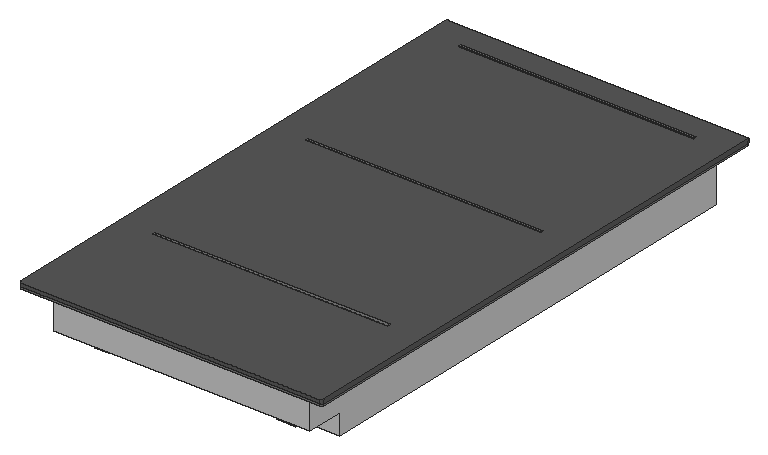
Revit family "FP-Revit19-en-CI122DB1-CI152DB1-CI152DTTB1-CI244DTTB1-CI304DTTB1-CI365DTTB1-InductionCooktop-0-90003220A-US-CA", category Specialty Equipment, Revit 2019
Family settings
  Round Connector Dimension = Use Diameter
  Part Type = Normal
  OmniClass Number = 23.40.40.14.17.11
  OmniClass Title = Cookers, Ovens, Stoves
  Work Plane-Based = No
  Always vertical = Yes
  Cut with Voids When Loaded = Yes
  Shared = No
  Room Calculation Point = No
Parameters (values of type "CI122DB1")
  Visibility - Power Flex Large = no
  Visibility - Power Flex Small = yes
  Visibility - Power Conduit US-CA = no
  Visibility - Clearance Required = yes
  Visibility - Touchscreen = no
  Recess - Depth = 6.5 mm  # constant formula
  Product - Height = ([Chassis - Height]) + 5.5 mm  # 61.5 mm
  Product - Width = 300 mm
  Product - Depth = 530 mm  # constant formula
  Model = "CI122DB1"
  Material - Graphics = Fisher & Paykel - Grey, Charcoal
  Material - Display Panel = Fisher & Paykel - Grey, Charcoal
  Material - Cooktop = Fisher & Paykel - Glass, Black
  Material - Body = Fisher & Paykel - Grey
  Manufacturer = "Fisher & Paykel Appliances Ltd"  # constant formula
  Graphics - 90/36 = no
  Graphics - 76/30 = no
  Graphics - 60/24 = no
  Graphics - 39/17 = no
  Graphics - 30/15 = yes
  Description = "12\", 2 Zone Induction Cooktop, Black"
  Countertop - Height [instance] = 900 mm
  Connector Description - Electrical = "120V, 60Hz, 20A"
  Clearance - Side Combustible = 27 mm  # constant formula
  Clearance - Rear Combustible = 20 mm  # constant formula
  Clearance - Overhead Rangehood = 650 mm  # constant formula
  Clearance - Overhead Non-Combustible = 450 mm  # constant formula
  Chassis - Width = 254 mm
  Chassis - Height = 56 mm  # constant formula
  Chassis - Depth = 504 mm  # constant formula
  Cavity - Width = 262 mm
  Cavity - Height = 72 mm
  Cavity - Depth (Proud Mount) = 507 mm  # constant formula
  Cavity - Depth (Flush Mount) = 509 mm  # constant formula
Types (6, lengths in mm): name | Visibility - Power Flex Small | Visibility - Power Conduit US-CA | Visibility - Touchscreen | Product - Width | Model | Graphics - 90/36 | Graphics - 76/30 | Graphics - 60/24 | Graphics - 39/17 | Graphics - 30/15 | Description | Connector Description - Electrical | Chassis - Width | Cavity - Width | Cavity - Height
  CI122DB1 | yes | no | no | 300 | "CI122DB1" | no | no | no | no | yes | "12\", 2 Zone Induction Cooktop, Black" | "120V, 60Hz, 20A" | 254 | 262 | 72
  CI152DTTB1 | yes | no | yes | 385 | "CI152DTTB1" | no | no | no | yes | no | "15\", 2 Zone Induction Cooktop, Black, Touchscreen" | "120V, 60Hz, 20A" | 334 | 347 | 72
  CI244DTTB1 | no | yes | yes | 600 | "CI244DTTB1" | no | no | yes | no | no | "24\", 4 Zone Induction Cooktop, Black, Touchscreen" | "120V, 60Hz, 35A" | 554 | 562 | 95
  CI304DTTB1 | no | yes | yes | 760 | "CI304DTTB1" | no | yes | no | no | no | "30\", 4 Zone Induction Cooktop, Black, Touchscreen" | "120V, 60Hz, 35A" | 714 | 722 | 95
  CI365DTTB1 | no | yes | yes | 900 | "CI365DTTB1" | yes | no | no | no | no | "36\", 5 Zone Induction Cooktop, Black, Touchscreen" | "120V, 60Hz, 50A" | 854 | 862 | 95
  CI152DB1 | yes | no | no | 385 | "CI152DB1" | no | no | no | yes | no | "15\", 2 Zone Induction Cooktop, Black" | "120V, 60Hz, 20A" | 334 | 347 | 72
Reference planes
  plane 1 "Front": y = 0
  plane 2: z = 0
  plane 3 "Center (Left/Right)": x = 0
  plane 4 "Product - LHS": x = -150
  plane 5 "Clearance - LHS": x = -158
  plane 6 "Product - RHS": x = 150
  plane 7 "Clearance - RHS": x = 158
  plane 8 "Tape": z = 894.5
  plane 9 "Product - Height": z = 900
  plane 10 "Cavity - Height": z = 828
  plane 11 "Chassis Base": z = 838.5
  plane 12 "Product - Depth": y = 530
  plane 13 "Cavity - LHS": x = -131
  plane 14 "Cavity - RHS": x = 131
  plane 15 "Mounting Flange": z = 896
  plane 16 "Clearance - Rear": y = 539.5
  plane 17 "Clearance - Overhead Rangehood": z = 1550
  plane 18 "Clearance - Non-Combustible": z = 1350
  plane 19 "Graphics": z = 900.2
  plane 20 "2mm Offset LHS": x = -152
  plane 21 "2mm Offset RHS": x = 152
  plane 22 "Cable": x = 97
  plane 23 "Recess 6.5mm": z = 893.5
  plane 24 "Chassis LHS": x = -127
  plane 25 "Chassis RHS": x = 127
  plane 26 "Chassis - Front": y = 13.5
  plane 27 "Chassis - Depth": y = 517.5
  plane 28 "Centre": y = 265
  plane 29 "Cavity - Rear": y = 519.5
  plane 30 "Cavity - Front": y = 10.5
Forms (mm)
  Extrusion 1, solid, material "Fisher & Paykel - Glass, Black" <- "Material - Cooktop"
    sketch origin (0, 0, 0) x (1, 0, 0) y (0, 1, 0)
      loop
        arc (-148, 530) -> (-149.414, 529.414) -> (-150, 528) r 2
        line (-150, 528) -> (-150, 2)
        arc (-150, 2) -> (-149.414, 0.586) -> (-148, 0) r 2
        line (-148, 0) -> (148, 0)
        arc (148, 0) -> (149.414, 0.586) -> (150, 2) r 2
        line (150, 2) -> (150, 528)
        arc (150, 528) -> (149.414, 529.414) -> (148, 530) r 2
        line (148, 530) -> (-148, 530)
    from 896 to 900
  Extrusion 2, solid, material "Fisher & Paykel - Grey" <- "Material - Body"
    sketch origin (0, -179.489, 0) x (1, 0, 0) y (0, 1, 0)
      loop
        line (-127, 696.989) -> (-127, 192.989) -> (127, 192.989) -> (127, 696.989) -> (-127, 696.989)
    from 838.5 to 894.5
  Extrusion 3, solid, material "Fisher & Paykel - Grey" <- "Material - Body"
    sketch origin (0, 0, 0) x (1, 0, 0) y (0, 1, 0)
      loop
        line (-137, 523) -> (-137, 7) -> (137, 7) -> (137, 523) -> (-137, 523)
    from 894.5 to 896
  Extrusion 4, solid, material "Fisher & Paykel - Grey, Charcoal" <- "Material - Display Panel", visible <- "Visibility - Touchscreen", detail levels fine
    sketch origin (0, 0, 0) x (1, 0, 0) y (0, 1, 0)
      loop
        line (-66.5, 87) -> (-66.5, 25) -> (66.5, 25) -> (66.5, 87) -> (-66.5, 87)
    from 896 to 900.2
  Extrusion 5, solid, material "Fisher & Paykel - Clearance Required (Cutout)", visible <- "Visibility - Clearance Required", detail levels coarse
    sketch origin (0, 0, 0) x (0, 1, 0) y (0, 0, 1)
      loop
        line (10.5, 894.5) -> (10.5, 828) -> (519.5, 828) -> (519.5, 894.5) -> (10.5, 894.5)
    from -131 to 131
  Extrusion 6, solid, material "Fisher & Paykel - Clearance Required (Non-Combustible)", visible <- "Visibility - Clearance Required", detail levels coarse
    sketch origin (0, 0, 0) x (1, 0, 0) y (0, 1, 0)
      loop
        line (-158, 539.5) -> (-158, 0) -> (158, 0) -> (158, 539.5) -> (-158, 539.5)
    from 900 to 1350
  Extrusion 7, solid, material "Fisher & Paykel - Clearance Required (Combustible)", visible <- "Visibility - Clearance Required", detail levels coarse
    sketch origin (0, 0, 0) x (1, 0, 0) y (0, 1, 0)
      loop
        line (-158, 539.5) -> (-158, 0) -> (158, 0) -> (158, 539.5) -> (-158, 539.5)
    from 1350 to 1550
  Extrusion 8, solid, material "Fisher & Paykel - Grey, Charcoal" <- "Material - Graphics", visible <- "Graphics - 90/36", detail levels fine
    sketch origin (0, 0, 0) x (1, 0, 0) y (0, 1, 0)
      loop
        line (-703.25, 316.098) -> (-703.25, 313.598) -> (-470.75, 313.598) -> (-470.75, 316.098) -> (-703.25, 316.098)
      loop
        line (-703.25, 126.248) -> (-703.25, 123.748) -> (-470.75, 123.748) -> (-470.75, 126.248) -> (-703.25, 126.248)
      loop
        line (-703.25, 505.249) -> (-703.25, 502.749) -> (-470.75, 502.749) -> (-470.75, 505.249) -> (-703.25, 505.249)
      loop
        line (97.25, 316.098) -> (-135.25, 316.098) -> (-135.25, 313.598) -> (97.25, 313.598) -> (97.25, 316.098)
      loop
        line (97.25, 126.248) -> (-135.25, 126.248) -> (-135.25, 123.748) -> (97.25, 123.748) -> (97.25, 126.248)
      loop
        line (97.25, 505.249) -> (-135.25, 505.249) -> (-135.25, 502.749) -> (97.25, 502.749) -> (97.25, 505.249)
      loop
        circle (-303, 313.598) r 99.029
      loop
        circle (-303, 313.598) r 101.36
      loop
        circle (-303, 313.598) r 142.07
      loop
        circle (-303, 313.598) r 144.628
    from 896 to 900.2
  Extrusion 9, solid, material "Fisher & Paykel - Grey, Charcoal" <- "Material - Graphics", visible <- "Graphics - 30/15", detail levels fine
    sketch origin (0, 0, 0) x (1, 0, 0) y (0, 1, 0)
      loop
        line (-116.25, 316.098) -> (-116.25, 313.598) -> (116.25, 313.598) -> (116.25, 316.098) -> (-116.25, 316.098)
      loop
        line (-116.25, 126.249) -> (-116.25, 123.749) -> (116.25, 123.749) -> (116.25, 126.249) -> (-116.25, 126.249)
      loop
        line (-116.25, 505.249) -> (-116.25, 502.749) -> (116.25, 502.749) -> (116.25, 505.249) -> (-116.25, 505.249)
    from 896 to 900.2
  Extrusion 10, solid, material "Fisher & Paykel - Grey, Charcoal" <- "Material - Graphics", visible <- "Graphics - 60/24", detail levels fine
    sketch origin (0, 0, 0) x (1, 0, 0) y (0, 1, 0)
      loop
        line (-250.25, 316.098) -> (-250.25, 313.598) -> (-24.75, 313.598) -> (-24.75, 316.098) -> (-250.25, 316.098)
      loop
        line (-250.25, 126.249) -> (-250.25, 123.749) -> (-24.75, 123.749) -> (-24.75, 126.249) -> (-250.25, 126.249)
      loop
        line (-250.25, 505.249) -> (-250.25, 502.749) -> (-24.75, 502.749) -> (-24.75, 505.249) -> (-250.25, 505.249)
      loop
        line (250.25, 316.098) -> (24.75, 316.098) -> (24.75, 313.598) -> (250.25, 313.598) -> (250.25, 316.098)
      loop
        line (250.25, 126.249) -> (24.75, 126.249) -> (24.75, 123.749) -> (250.25, 123.749) -> (250.25, 126.249)
      loop
        line (250.25, 505.249) -> (24.75, 505.249) -> (24.75, 502.749) -> (250.25, 502.749) -> (250.25, 505.249)
    from 896 to 900.2
  Extrusion 11, solid, material "Fisher & Paykel - Grey, Charcoal" <- "Material - Graphics", visible <- "Graphics - 76/30", detail levels fine
    sketch origin (0, 0, 0) x (1, 0, 0) y (0, 1, 0)
      loop
        line (330.25, 316.098) -> (99.75, 316.098) -> (99.75, 313.598) -> (330.25, 313.598) -> (330.25, 316.098)
      loop
        line (330.25, 126.248) -> (99.75, 126.248) -> (99.75, 123.748) -> (330.25, 123.748) -> (330.25, 126.248)
      loop
        line (330.25, 505.248) -> (99.75, 505.248) -> (99.75, 502.749) -> (330.25, 502.749) -> (330.25, 505.248)
      loop
        circle (-200, 258.2) r 140
      loop
        circle (-14.494, 412.848) r 85
      loop
        circle (-14.494, 412.848) r 83
      loop
        circle (-200, 258.2) r 138.038
    from 896 to 900.2
  Extrusion 12, solid, material "Fisher & Paykel - Grey, Charcoal" <- "Material - Graphics", visible <- "Graphics - 39/17", detail levels fine
    sketch origin (0, 0, 0) x (1, 0, 0) y (0, 1, 0)
      loop
        line (-142.75, 505.254) -> (-142.75, 502.754) -> (142.75, 502.754) -> (142.75, 505.254) -> (-142.75, 505.254)
      loop
        line (-142.75, 316.098) -> (-142.75, 313.598) -> (142.75, 313.598) -> (142.75, 316.098) -> (-142.75, 316.098)
      loop
        line (-142.75, 126.249) -> (-142.75, 123.749) -> (142.75, 123.749) -> (142.75, 126.249) -> (-142.75, 126.249)
    from 896 to 900.2
  Extrusion 13, void
    sketch origin (0, 0, 0) x (1, 0, 0) y (0, 1, 0)
      loop
        arc (-148, 532) -> (-150.828, 530.828) -> (-152, 528) r 4
        line (-152, 528) -> (-152, 2)
        arc (-152, 2) -> (-150.828, -0.828) -> (-148, -2) r 4
        line (-148, -2) -> (148, -2)
        arc (148, -2) -> (150.828, -0.828) -> (152, 2) r 4
        line (152, 2) -> (152, 528)
        arc (152, 528) -> (150.828, 530.828) -> (148, 532) r 4
        line (148, 532) -> (-148, 532)
    from 893.5 to 900
  Extrusion 14, solid, material "Fisher & Paykel - Grey, Charcoal"
    sketch origin (0, 0, 0) x (1, 0, 0) y (0, 1, 0)
      loop
        arc (-148, 530) -> (-149.414, 529.414) -> (-150, 528) r 2
        line (-150, 528) -> (-150, 2)
        arc (-150, 2) -> (-149.414, 0.586) -> (-148, 0) r 2
        line (-148, 0) -> (148, 0)
        arc (148, 0) -> (149.414, 0.586) -> (150, 2) r 2
        line (150, 2) -> (150, 528)
        arc (150, 528) -> (149.414, 529.414) -> (148, 530) r 2
        line (148, 530) -> (-148, 530)
      loop
        line (-145, 525) -> (-145, 5) -> (145, 5) -> (145, 525) -> (-145, 525)
    from 894.5 to 896
  Extrusion 15, solid, material "Fisher & Paykel - Grey" <- "Material - Body", visible <- "Visibility - Power Flex Small"
    sketch origin (0, 0, 0) x (1, 0, 0) y (0, 1, 0)
      loop
        circle (97, 512) r 4
    from 828 to 838.5
  Extrusion 16, void
    sketch origin (0, 0, 0) x (0, 1, 0) y (0, 0, 1)
      loop
        line (13.5, 838.5) -> (50.5, 838.5) -> (50.5, 858.5) -> (13.5, 858.5) -> (13.5, 838.5)
    from -131 to 131
  Sweep 17, solid, material "Fisher & Paykel - Grey" <- "Material - Body", visible <- "Visibility - Power Flex Large"
    path origin (97, 0, 0) x (0, -1, 0) y (0, 0, 1)
      loop
        arc (-523.932, 815.5) -> (-500.264, 821.519) -> (-482.714, 838.5) r 47.507
        line (-482.714, 838.5) -> (-480.135, 842.784)
    profile origin (97, 500.264, 821.519) x (0, 0.487278, 0.873247) y (-1, 0, 0)
      loop
        circle (0, 0) r 6
  Extrusion 18, solid, material "Fisher & Paykel - Grey" <- "Material - Body", visible <- "Visibility - Power Flex Large"
    sketch origin (0, 0, 0) x (1, 0, 0) y (0, 1, 0)
      loop
        circle (97, 482.308) r 15
      loop
        circle (97, 482.308) r 8.004
    from 837.5 to 838.5
  Extrusion 19, solid, material "Fisher & Paykel - Grey" <- "Material - Body", detail levels fine
    sketch origin (0, 0, 0) x (1, 0, 0) y (0, 0, 1)
      loop
        line (-98.5, 858.5) -> (-98.5, 846.5) -> (-84.5, 846.5) -> (-84.5, 858.5) -> (-98.5, 858.5)
      loop
        line (101, 846.5) -> (101, 858.5) -> (82, 858.5) -> (82, 846.5) -> (101, 846.5)
    from -50.5 to -29.5
Cuts and joins
  Extrusion 16 cuts Extrusion 2
Text (mm)
  text "Due to ongoing product development, product details are subject to change without notice. \nPlease always refer to www.fisherpaykel.com for the most current product information. \n© Fisher & Paykel 2020" at (110.713, -119.621, 0), in view "Ref. Level"
Dimensions and locks
  equal spacing: plane 4 "Product - LHS", plane 3 "Center (Left/Right)", plane 6 "Product - RHS"
  equal spacing: plane 5 "Clearance - LHS", plane 3 "Center (Left/Right)", plane 7 "Clearance - RHS"
  "Product - Width": plane 4 "Product - LHS" to plane 6 "Product - RHS"
  equal spacing: plane 13 "Cavity - LHS", plane 3 "Center (Left/Right)", plane 14 "Cavity - RHS"
  "Cavity - Width": plane 13 "Cavity - LHS" to plane 14 "Cavity - RHS"
  equal spacing: Extrusion 2, plane 3 "Center (Left/Right)", Extrusion 2
  equal spacing: Extrusion 3 sketch curve, plane 3 "Center (Left/Right)", Extrusion 3 sketch curve
  locked: plane 4 "Product - LHS" to Extrusion 3 sketch curve at 13
  equal spacing: Extrusion 4 sketch curve, plane 3 "Center (Left/Right)", Extrusion 4 sketch curve
  locked: plane 1 "Front" to Extrusion 4 sketch curve at 25
  locked: Extrusion 4 sketch curve to Extrusion 4 sketch curve at 62
  "Chassis - Height": plane 8 "Tape" to plane 11 "Chassis Base"
  locked: plane 12 "Product - Depth" to Extrusion 3 sketch curve at 7
  locked: plane 1 "Front" to Extrusion 3 sketch curve at 7
  locked: plane 8 "Tape" to plane 15 "Mounting Flange" at 1.5
  locked: plane 9 "Product - Height" to plane 8 "Tape" at 5.5
  "Clearance - Overhead Non-Combustible": plane 18 "Clearance - Non-Combustible" to plane 9 "Product - Height"
  "Clearance - Overhead Rangehood": plane 17 "Clearance - Overhead Rangehood" to plane 9 "Product - Height"
  "Clearance - Side Combustible": plane 5 "Clearance - LHS" to plane 13 "Cavity - LHS"
  locked: Extrusion 4 sketch curve to Extrusion 4 sketch curve at 133
  locked: Extrusion 9 sketch curve to plane 3 "Center (Left/Right)" at 116.25
  locked: plane 3 "Center (Left/Right)" to Extrusion 9 sketch curve at 116.25
  locked: plane 3 "Center (Left/Right)" to Extrusion 11 sketch curve at 99.75
  locked: plane 3 "Center (Left/Right)" to Extrusion 11 sketch curve at 330.25
  locked: Extrusion 11 sketch curve to plane 3 "Center (Left/Right)" at 200
  locked: Extrusion 11 sketch curve to plane 3 "Center (Left/Right)" at 14.494
  locked: Extrusion 10 sketch curve to plane 3 "Center (Left/Right)" at 24.75
  locked: plane 3 "Center (Left/Right)" to Extrusion 10 sketch curve at 24.75
  locked: Extrusion 10 sketch curve to plane 3 "Center (Left/Right)" at 250.25  (x3)
  locked: plane 3 "Center (Left/Right)" to Extrusion 10 sketch curve at 250.25
  locked: Extrusion 12 sketch curve to plane 3 "Center (Left/Right)" at 142.75  (x3)
  locked: plane 3 "Center (Left/Right)" to Extrusion 12 sketch curve at 142.75  (x3)
  equal spacing: Extrusion 13 sketch curve, plane 3 "Center (Left/Right)", Extrusion 13 sketch curve
  locked: Extrusion 13 sketch curve to plane 4 "Product - LHS" at 2
  locked: Extrusion 13 sketch curve to plane 1 "Front" at 2
  locked: Extrusion 13 sketch curve to plane 12 "Product - Depth" at 2
  equal spacing: plane 20 "2mm Offset LHS", plane 3 "Center (Left/Right)", plane 21 "2mm Offset RHS"
  locked: plane 20 "2mm Offset LHS" to plane 4 "Product - LHS" at 2
  locked: plane 15 "Mounting Flange" to plane 19 "Graphics" at 4.2
  "Countertop - Height": plane 9 "Product - Height" to level
  locked: plane 1 "Front" to Extrusion 14 sketch curve at 5
  equal spacing: Extrusion 14 sketch curve, plane 3 "Center (Left/Right)", Extrusion 14 sketch curve
  locked: plane 4 "Product - LHS" to Extrusion 14 sketch curve at 5
  locked: plane 12 "Product - Depth" to Extrusion 14 sketch curve at 5
  plane 1 "Front" to Extrusion 15 sketch curve = 512 mm
  plane 3 "Center (Left/Right)" to Extrusion 15 sketch curve = 97 mm
  locked: plane 22 "Cable" to plane 6 "Product - RHS" at 53
  locked: plane 8 "Tape" to cut or joined group of Extrusion 2, Extrusion 16 at 36
  locked: plane 11 "Chassis Base" to Extrusion 18 at 1
  locked: Extrusion 19 to plane 8 "Tape" at 48
  "Recess - Depth": plane 9 "Product - Height" to plane 23 "Recess 6.5mm"
  equal spacing: plane 24 "Chassis LHS", plane 3 "Center (Left/Right)", plane 25 "Chassis RHS"
  locked: plane 1 "Front" to plane 26 "Chassis - Front" at 13.5
  "Chassis - Depth": plane 27 "Chassis - Depth" to plane 26 "Chassis - Front"
  locked: Extrusion 19 to plane 24 "Chassis LHS" at 28.5
  locked: Extrusion 19 to plane 24 "Chassis LHS" at 42.5
  locked: plane 25 "Chassis RHS" to Extrusion 19 at 26
  locked: plane 25 "Chassis RHS" to Extrusion 19 at 45
  "Chassis - Width": plane 24 "Chassis LHS" to plane 25 "Chassis RHS"
  "Cavity - Height": plane 9 "Product - Height" to plane 10 "Cavity - Height"
  locked: plane 25 "Chassis RHS" to nested 1 at 28.181
  "Product - Depth": plane 1 "Front" to plane 12 "Product - Depth"
  locked: plane 1 "Front" to plane 28 "Centre" at 265
  equal spacing: plane 30 "Cavity - Front", plane 28 "Centre", plane 29 "Cavity - Rear"
  "Cavity - Depth (Flush Mount)": plane 30 "Cavity - Front" to plane 29 "Cavity - Rear"
  diameter of Extrusion 11 sketch curve = 280 mm
  aligned and locked: level to plane 2
  aligned and locked: Extrusion 1 sketch curve to plane 12 "Product - Depth"
  aligned and locked: Extrusion 1 sketch curve to plane 4 "Product - LHS"
  aligned and locked: Extrusion 1 sketch curve to plane 1 "Front"
  aligned and locked: plane 6 "Product - RHS" to Extrusion 1 sketch curve
  aligned and locked: plane 9 "Product - Height" to Extrusion 1
  aligned and locked: Extrusion 3 to Extrusion 1
  aligned and locked: Extrusion 1 to Extrusion 4
  aligned and locked: Extrusion 3 to plane 8 "Tape"
  aligned and locked: plane 8 "Tape" to Extrusion 2
  aligned and locked: Extrusion 2 to plane 11 "Chassis Base"
  aligned and locked: plane 15 "Mounting Flange" to Extrusion 1
  aligned and locked: Extrusion 3 to plane 15 "Mounting Flange"
  aligned and locked: plane 15 "Mounting Flange" to Extrusion 4
  aligned and locked: plane 10 "Cavity - Height" to Extrusion 5 sketch curve
  aligned and locked: plane 8 "Tape" to Extrusion 5
  aligned and locked: Extrusion 5 to plane 13 "Cavity - LHS"
  aligned and locked: plane 14 "Cavity - RHS" to Extrusion 5
  aligned and locked: Extrusion 6 sketch curve to plane 16 "Clearance - Rear"
  aligned and locked: Extrusion 6 sketch curve to plane 5 "Clearance - LHS"
  aligned and locked: Extrusion 6 sketch curve to plane 1 "Front"
  aligned and locked: plane 7 "Clearance - RHS" to Extrusion 6 sketch curve
  aligned and locked: Extrusion 6 to plane 9 "Product - Height"
  aligned and locked: plane 18 "Clearance - Non-Combustible" to Extrusion 6
  aligned and locked: plane 5 "Clearance - LHS" to Extrusion 7
  aligned and locked: Extrusion 7 to plane 7 "Clearance - RHS"
  aligned and locked: plane 16 "Clearance - Rear" to Extrusion 7
  aligned and locked: Extrusion 7 to Extrusion 6
  aligned and locked: plane 17 "Clearance - Overhead Rangehood" to Extrusion 7
  aligned and locked: plane 19 "Graphics" to Extrusion 4
  aligned and locked: plane 19 "Graphics" to Extrusion 8
  aligned and locked: plane 19 "Graphics" to Extrusion 9
  aligned and locked: Extrusion 9 to Extrusion 9  (x2)
  aligned and locked: plane 19 "Graphics" to Extrusion 10
  aligned and locked: plane 19 "Graphics" to Extrusion 11
  aligned and locked: Extrusion 11 to Extrusion 11  (x4)
  aligned and locked: Extrusion 10 to Extrusion 10  (x6)
  aligned and locked: plane 19 "Graphics" to Extrusion 12
  aligned and locked: plane 15 "Mounting Flange" to Extrusion 11
  aligned and locked: plane 15 "Mounting Flange" to Extrusion 8
  aligned and locked: plane 15 "Mounting Flange" to Extrusion 9
  aligned and locked: plane 15 "Mounting Flange" to Extrusion 12
  aligned and locked: plane 15 "Mounting Flange" to Extrusion 10
  aligned and locked: plane 9 "Product - Height" to Extrusion 13
  aligned and locked: plane 6 "Product - RHS" to Extrusion 14 sketch curve
  aligned and locked: Extrusion 14 sketch curve to plane 1 "Front"
  aligned and locked: Extrusion 14 sketch curve to plane 12 "Product - Depth"
  aligned and locked: Extrusion 14 sketch curve to plane 4 "Product - LHS"
  aligned and locked: plane 8 "Tape" to Extrusion 14
  aligned and locked: Extrusion 14 to plane 15 "Mounting Flange"
  aligned and locked: plane 11 "Chassis Base" to Extrusion 15
  aligned and locked: Extrusion 15 to plane 10 "Cavity - Height"
  aligned and locked: Extrusion 16 to plane 13 "Cavity - LHS"
  aligned and locked: plane 14 "Cavity - RHS" to Extrusion 16
  aligned and locked: plane 11 "Chassis Base" to Extrusion 18
  aligned and locked: cut or joined group of Extrusion 2, Extrusion 16 to Extrusion 19  (x3)
  aligned and locked: plane 23 "Recess 6.5mm" to Extrusion 13
  aligned and locked: plane 24 "Chassis LHS" to cut or joined group of Extrusion 2, Extrusion 16
  aligned and locked: Extrusion 2 to plane 24 "Chassis LHS"
  aligned and locked: plane 25 "Chassis RHS" to Extrusion 2
  aligned and locked: plane 26 "Chassis - Front" to cut or joined group of Extrusion 2, Extrusion 16
  aligned and locked: plane 27 "Chassis - Depth" to cut or joined group of Extrusion 2, Extrusion 16
  aligned and locked: nested 1 to plane 11 "Chassis Base"
  aligned and locked: plane 30 "Cavity - Front" to Extrusion 5
  aligned and locked: plane 29 "Cavity - Rear" to Extrusion 5
Automatic sketch dimensions
  Extrusion 1 sketch curve to plane 4 "Product - LHS" = 0 mm
  Extrusion 1 sketch curve to plane 4 "Product - LHS" = 2 mm  (x2)
  Extrusion 1 sketch curve to Extrusion 1 sketch curve = 2 mm
  plane 6 "Product - RHS" to Extrusion 1 sketch curve = 2 mm
  Extrusion 1 sketch curve to plane 12 "Product - Depth" = 2 mm
  plane 13 "Cavity - LHS" to Extrusion 2 sketch curve = 4 mm
  Extrusion 2 sketch curve to plane 14 "Cavity - RHS" = 4 mm
  Extrusion 5 sketch curve to plane 8 "Tape" = 0 mm
  plane 1 "Front" to Extrusion 7 sketch curve = 0 mm
  plane 5 "Clearance - LHS" to Extrusion 7 sketch curve = 0 mm
  Extrusion 7 sketch curve to plane 7 "Clearance - RHS" = 0 mm
  plane 16 "Clearance - Rear" to Extrusion 7 sketch curve = 0 mm
  Extrusion 9 sketch curve to plane 3 "Center (Left/Right)" = 116.25 mm  (x2)
  plane 7 "Clearance - RHS" to Extrusion 9 sketch curve = 41.75 mm  (x2)
  Extrusion 9 sketch curve to Extrusion 9 sketch curve = 2.5 mm  (x3)
  Extrusion 9 sketch curve to Extrusion 9 sketch curve = 187.349 mm
  Extrusion 11 sketch curve to Extrusion 11 sketch curve = 0 mm  (x6)
  plane 3 "Center (Left/Right)" to Extrusion 11 sketch curve = 99.75 mm  (x2)
  plane 14 "Cavity - RHS" to Extrusion 11 sketch curve = 199.25 mm  (x2)
  Extrusion 11 sketch curve to Extrusion 11 sketch curve = 186.651 mm
  Extrusion 11 sketch curve to Extrusion 11 sketch curve = 2.5 mm  (x3)
  Extrusion 11 sketch curve to Extrusion 11 sketch curve = 154.648 mm
  Extrusion 10 sketch curve to plane 3 "Center (Left/Right)" = 24.75 mm  (x2)
  plane 3 "Center (Left/Right)" to Extrusion 10 sketch curve = 24.75 mm  (x2)
  plane 14 "Cavity - RHS" to Extrusion 10 sketch curve = 119.25 mm  (x2)
  Extrusion 10 sketch curve to Extrusion 10 sketch curve = 2.5 mm  (x6)
  Extrusion 10 sketch curve to Extrusion 10 sketch curve = 186.651 mm  (x2)
  Extrusion 10 sketch curve to Extrusion 10 sketch curve = 0 mm  (x2)
  Extrusion 12 sketch curve to Extrusion 12 sketch curve = 2.5 mm  (x3)
  Extrusion 12 sketch curve to Extrusion 12 sketch curve = 187.349 mm
  Extrusion 13 sketch curve to plane 1 "Front" = 2 mm  (x2)
  Extrusion 13 sketch curve to plane 4 "Product - LHS" = 2 mm  (x2)
  Extrusion 13 sketch curve to plane 12 "Product - Depth" = 2 mm
  Extrusion 2 sketch curve to plane 12 "Product - Depth" = 12.5 mm
  Extrusion 5 sketch curve to plane 12 "Product - Depth" = 10.5 mm
  Extrusion 9 sketch curve to plane 12 "Product - Depth" = 27.251 mm
  Extrusion 10 sketch curve to Extrusion 10 sketch curve = 187.349 mm
  Extrusion 11 sketch curve to Extrusion 11 sketch curve = 187.349 mm
  Extrusion 12 sketch curve to plane 12 "Product - Depth" = 27.246 mm
  Extrusion 2 sketch curve to plane 1 "Front" = 13.5 mm
  Extrusion 5 sketch curve to plane 1 "Front" = 10.5 mm
  Extrusion 9 sketch curve to Extrusion 9 sketch curve = 186.651 mm
  Extrusion 10 sketch curve to plane 1 "Front" = 123.749 mm
  Extrusion 11 sketch curve to plane 1 "Front" = 123.748 mm
  Extrusion 11 sketch curve to plane 1 "Front" = 258.2 mm
  Extrusion 12 sketch curve to Extrusion 12 sketch curve = 186.656 mm
  Extrusion 14 sketch curve to plane 4 "Product - LHS" = 2 mm
  Extrusion 14 sketch curve to plane 1 "Front" = 2 mm  (x2)
  plane 6 "Product - RHS" to Extrusion 14 sketch curve = 2 mm
  Extrusion 14 sketch curve to plane 12 "Product - Depth" = 2 mm
  Extrusion 8 sketch curve to Extrusion 8 sketch curve = 0 mm  (x20)
  plane 7 "Clearance - RHS" to Extrusion 8 sketch curve = 861.25 mm
  Extrusion 8 sketch curve to Extrusion 8 sketch curve = 232.5 mm  (x3)
  Extrusion 8 sketch curve to Extrusion 8 sketch curve = 167.75 mm
  Extrusion 8 sketch curve to Extrusion 8 sketch curve = 167.751 mm
  Extrusion 8 sketch curve to Extrusion 8 sketch curve = 189.151 mm
  Extrusion 8 sketch curve to Extrusion 8 sketch curve = 2.5 mm  (x6)
  Extrusion 16 sketch curve to plane 11 "Chassis Base" = 0 mm
  Extrusion 16 sketch curve to Extrusion 16 sketch curve = 37 mm
  Extrusion 16 sketch curve to Extrusion 16 sketch curve = 20 mm
  Extrusion 8 sketch curve to plane 1 "Front" = 126.248 mm  (x2)
  Extrusion 16 sketch curve to plane 1 "Front" = 13.5 mm
  Extrusion 8 sketch curve to plane 12 "Product - Depth" = 216.402 mm
  Extrusion 8 sketch curve to Extrusion 8 sketch curve = 187.35 mm
  Extrusion 8 sketch curve to plane 12 "Product - Depth" = 27.251 mm
  Sweep 17 sketch curve to plane 22 "Cable" = 0 mm
  profile plane to Sweep 17 sketch curve = 0 mm
  Sweep 17 sketch curve to plane 11 "Chassis Base" = 0 mm
  plane 11 "Chassis Base" to Sweep 17 sketch curve = 24.504 mm
  plane 11 "Chassis Base" to Sweep 17 sketch curve = 4.284 mm
  Sweep 17 sketch curve to Sweep 17 sketch curve = 2.579 mm
  Extrusion 18 sketch curve to Extrusion 18 sketch curve = 0 mm  (x3)
  Extrusion 18 sketch curve to plane 22 "Cable" = 0 mm
  plane 11 "Chassis Base" to Extrusion 19 sketch curve = 8 mm  (x2)
  plane 13 "Cavity - LHS" to Extrusion 19 sketch curve = 32.5 mm
  Extrusion 19 sketch curve to Extrusion 19 sketch curve = 14 mm
  plane 22 "Cable" to Extrusion 19 sketch curve = 15 mm
  Extrusion 19 sketch curve to plane 22 "Cable" = 4 mm
  Extrusion 19 sketch curve to Extrusion 19 sketch curve = 12 mm  (x2)
  Sweep 17 sketch curve to plane 27 "Chassis - Depth" = 5.913 mm
  plane 27 "Chassis - Depth" to Sweep 17 sketch curve = 34.786 mm
  Sweep 17 sketch curve to plane 12 "Product - Depth" = 6.068 mm
  plane 27 "Chassis - Depth" to Extrusion 18 sketch curve = 35.192 mm
  radius of Extrusion 11 sketch curve = 85 mm
  radius of Extrusion 11 sketch curve = 83 mm
  radius of Extrusion 11 sketch curve = 138.038 mm
  radius of Extrusion 8 sketch curve = 99.029 mm
  radius of Extrusion 8 sketch curve = 101.36 mm
  radius of Extrusion 8 sketch curve = 142.07 mm
  radius of Extrusion 8 sketch curve = 144.628 mm
  radius of Extrusion 15 sketch curve = 4 mm
  radius of Sweep 17 sketch curve = 6 mm
  radius of Extrusion 18 sketch curve = 15 mm
  radius of Extrusion 18 sketch curve = 8.004 mm
Nested families
  nested 1: "FP-Revit19-Modular-US-Conduit" at (98.819, 265.073, 900), visible <- "Visibility - Power Conduit US-CA", type "FP-Revit19-Modular-US-Conduit"
Connectors
  electrical at (97, 482.308, 837.5), driven by "Connector Description - Electrical"
    settings: on Extrusion 18, index 1, voltage 120 V, apparent load 0 VA, apparent load phase1 0 VA, apparent load phase2 0 VA, apparent load phase3 0 VA, power factor 1, load classification "Other", number of poles 1, system type 30, power factor state 1, is connector primary yes, connector utility no, sub classification motor no, connector description "120V, 60Hz, 20A"
Definition of nested family "FP-Revit19-Modular-US-Conduit"
  Parameters (values of type "FP-Revit19-Modular-US-Conduit")
    Model = ""
    Material - Body = none
    Manufacturer = "Fisher & Paykel Appliances Ltd"  # constant formula
    Description = "Support Bar (Flush Mount)"
  Reference planes
    plane 1 "Centre": y = 0
    plane 2: z = 0
    plane 3 "Centre (Left/Right)": x = 0
    plane 4: y = -265
    plane 5: y = 265
    plane 6 "Conduit": z = -75.004
    plane 7: z = -61.5
  Forms (mm)
    Sweep 1, solid, material <- "Material - Body"
      path origin (0, 0, -75.004) x (0, -1, 0) y (1, 0, 0)
        loop
          line (-217.5, -40.818) -> (-217.5, -215.818)
          arc (-217.5, -215.818) -> (-60.831, -376.273) -> (103.318, -223.479) r 160.5
          arc (103.318, -223.479) -> (-33.19, -76.326) -> (-177.518, -215.818) r 140.5
          arc (-177.518, -215.818) -> (-57.518, -335.818) -> (62.482, -215.818) r 120
      profile origin (-128.318, 217.5, -75.004) x (0, -1, 0) y (0, 0, 1)
        loop
          circle (0, 0) r 13.008
    Revolve 2, solid, material <- "Material - Body"
      sketch origin (0, 217.427, 0) x (1, 0, 0) y (0, 0, 1)
        loop
          arc (-0.815, -89) -> (7.668, -85.486) -> (11.182, -77.004) r 11.996
          line (11.182, -77.004) -> (11.182, -75.004) -> (-40.818, -75.004) -> (-40.818, -89) -> (-0.815, -89)
        axis (-40.818, -75.004) -> (11.182, -75.004)
      angle from 0 to 360
    Revolve 3, solid, material <- "Material - Body"
      sketch origin (0, 217.427, 0) x (1, 0, 0) y (0, 0, 1)
        loop
          line (11.181, -61.5) -> (-0.818, -61.5) -> (-0.818, -75.004) -> (11.181, -75.004) -> (11.181, -61.5)
        axis (-0.818, -75.004) -> (-0.818, -61.5)
      angle from 0 to 360
    Extrusion 4, solid, material <- "Material - Body", detail levels fine
      sketch origin (0, 0, -75.004) x (0, -1, 0) y (1, 0, 0)
        loop
          line (-230.374, -28.818) -> (-233.5, -28.818)
          arc (-233.5, -28.818) -> (-239.5, -34.818) -> (-233.5, -40.818) r 6
          line (-233.5, -40.818) -> (-230.374, -40.818) -> (-230.374, -28.818)
        loop
          line (-204.626, -28.818) -> (-204.626, -40.818) -> (-201.5, -40.818)
          arc (-201.5, -40.818) -> (-195.5, -34.818) -> (-201.5, -28.818) r 6
          line (-201.5, -28.818) -> (-204.626, -28.818)
      from -5.496 to 4.504
    Extrusion 5, solid, material <- "Material - Body", detail levels fine
      sketch origin (0, 0, -75.004) x (0, -1, 0) y (1, 0, 0)
        loop
          circle (-164.2, -43.118) r 5
        loop
          circle (-126.2, -43.118) r 5
        loop
          circle (-121.2, -0.618) r 5.85
      from 12.504 to 13.504
    Extrusion 6, solid, material <- "Material - Body", detail levels fine
      sketch origin (0, 0, -75.004) x (0, -1, 0) y (1, 0, 0)
        loop
          line (-237.5, -36.839) -> (-234, -38.86) -> (-230.507, -36.843) -> (-230.507, -32.804) -> (-234.009, -30.782) -> (-237.5, -32.798) -> (-237.5, -36.839)
        loop
          line (-197.5, -36.839) -> (-197.5, -32.798) -> (-200.991, -30.782) -> (-204.493, -32.804) -> (-204.493, -36.843) -> (-201, -38.86) -> (-197.5, -36.839)
      from -8.496 to -5.496
  Dimensions and locks
    plane 4 to plane 5 = 530 mm
    equal spacing: plane 4, plane 1 "Centre", plane 5
    aligned and locked: level to plane 2
  Automatic sketch dimensions
    Sweep 1 sketch curve to plane 6 "Conduit" = 0 mm
    Sweep 1 sketch curve to profile plane = 0 mm
    Revolve 2 sketch curve to plane 6 "Conduit" = 0 mm  (x2)
    Revolve 2 sketch curve to plane 3 "Centre (Left/Right)" = 40.818 mm
    Revolve 2 sketch curve to plane 3 "Centre (Left/Right)" = 0.815 mm
    plane 3 "Centre (Left/Right)" to Revolve 2 sketch curve = 11.182 mm
    Revolve 2 sketch curve to plane 6 "Conduit" = 2 mm
    Revolve 2 sketch curve to Revolve 2 sketch curve = 0.088 mm
    Revolve 2 sketch curve to Revolve 2 sketch curve = 12.972 mm
    Revolve 3 sketch curve to plane 7 = 0 mm  (x2)
    Revolve 3 sketch curve to plane 6 "Conduit" = 0 mm
    Revolve 3 sketch curve to plane 3 "Centre (Left/Right)" = 0.818 mm
    plane 3 "Centre (Left/Right)" to Revolve 3 sketch curve = 11.181 mm
    Revolve 3 sketch curve to Revolve 3 sketch curve = 0 mm
    Revolve 3 sketch curve to plane 7 = 6.857 mm
    Extrusion 5 sketch curve to plane 3 "Centre (Left/Right)" = 43.118 mm
    Extrusion 5 sketch curve to plane 5 = 100.8 mm
    Extrusion 5 sketch curve to Extrusion 5 sketch curve = 38 mm
    Extrusion 5 sketch curve to plane 3 "Centre (Left/Right)" = 0.618 mm
    Extrusion 5 sketch curve to Extrusion 5 sketch curve = 5 mm
    Extrusion 5 sketch curve to Extrusion 5 sketch curve = 0 mm
    Extrusion 4 sketch curve to plane 5 = 31.5 mm
    Extrusion 4 sketch curve to Extrusion 4 sketch curve = 3.126 mm  (x2)
    Extrusion 4 sketch curve to Extrusion 4 sketch curve = 25.749 mm
    Extrusion 4 sketch curve to plane 3 "Centre (Left/Right)" = 40.818 mm
    Extrusion 4 sketch curve to Extrusion 4 sketch curve = 0 mm
    Extrusion 4 sketch curve to Extrusion 4 sketch curve = 6 mm  (x2)
    Extrusion 6 sketch curve to plane 5 = 27.5 mm
    Extrusion 6 sketch curve to Extrusion 6 sketch curve = 3.491 mm  (x2)
    Extrusion 6 sketch curve to Extrusion 6 sketch curve = 3.5 mm
    Extrusion 6 sketch curve to Extrusion 6 sketch curve = 3.493 mm  (x2)
    Extrusion 6 sketch curve to Extrusion 6 sketch curve = 26.014 mm
    Extrusion 6 sketch curve to plane 3 "Centre (Left/Right)" = 30.782 mm  (x2)
    Extrusion 6 sketch curve to Extrusion 6 sketch curve = 3.502 mm
    Extrusion 6 sketch curve to Extrusion 6 sketch curve = 2.015 mm  (x2)
    Extrusion 6 sketch curve to Extrusion 6 sketch curve = 2.022 mm  (x2)
    Extrusion 6 sketch curve to Extrusion 6 sketch curve = 4.041 mm  (x2)
    Extrusion 6 sketch curve to Extrusion 6 sketch curve = 4.039 mm  (x2)
    Extrusion 6 sketch curve to Extrusion 6 sketch curve = 2.017 mm  (x2)
    Sweep 1 sketch curve to plane 5 = 47.5 mm
    Sweep 1 sketch curve to Sweep 1 sketch curve = 0.518 mm
    Sweep 1 sketch curve to Sweep 1 sketch curve = 19.978 mm
    Sweep 1 sketch curve to plane 3 "Centre (Left/Right)" = 216.773 mm
    Sweep 1 sketch curve to Sweep 1 sketch curve = 0.955 mm
    Sweep 1 sketch curve to Sweep 1 sketch curve = 0 mm  (x2)
    Sweep 1 sketch curve to Sweep 1 sketch curve = 39.982 mm
    Sweep 1 sketch curve to plane 3 "Centre (Left/Right)" = 40.818 mm
    radius of Sweep 1 sketch curve = 13.008 mm
    radius of Extrusion 5 sketch curve = 5 mm  (x2)
    radius of Extrusion 5 sketch curve = 5.85 mm
